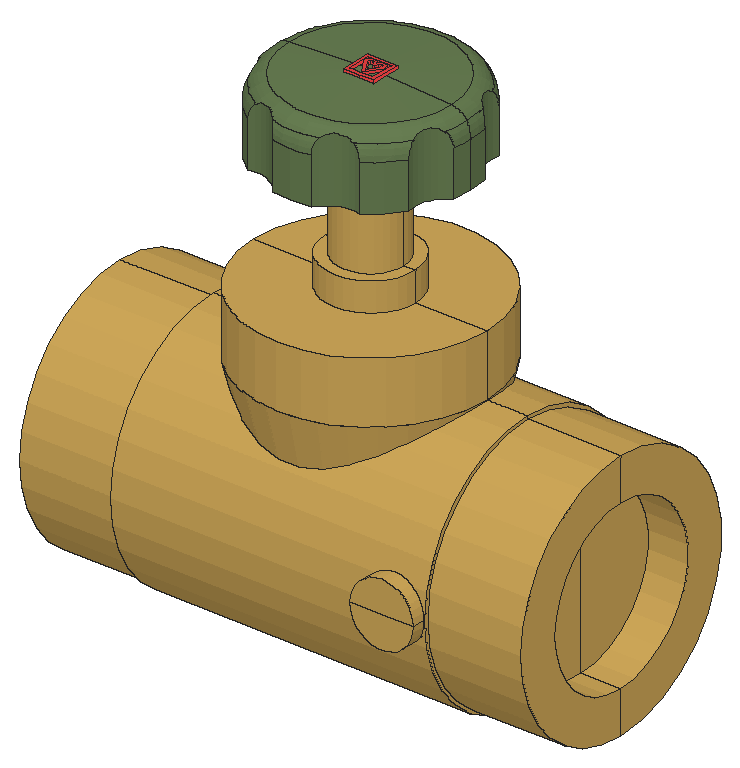
Revit family "Absperrventil 4215 W IG-IG", category Rohrzubehör, Revit 2018
Family settings
  Bemaßung runder Anschluss = Durchmesser verwenden
  Teiletyp = Unterbricht
  OmniClass-Nummer = 23.65.55.14
  OmniClass-Titel = Valves for Liquid Services
  Arbeitsebenenbasiert = Nein
  Immer vertikal = Ja
  Beim Laden mit Abzugskörper schneiden = Nein
  Gemeinsam genutzt = Nein
Parameters
  URL = "www.herz-armaturen.at"
  T01 [instance] = size_lookup("4215W_", "T1", 17.5 mm, Nennweite)  # 42 mm
  SC_NennweiteBerechnet = 0
  SC_Dimension = ""
  SCTWSEQ = "FW;SBT_TYP_FW=\"106\";2"
  SCTWCODE = "04;01;02"  # constant formula
  S03 = 60 mm  # constant formula
  S02 [instance] = H01 + H02 + H03  # 93 mm
  S01 [instance] = R01 * 2  # 75 mm
  R08 [instance] = size_lookup("4215W_", "R8", 9.5 mm, Nennweite)  # 9.5 mm
  R07 = 3 mm  # constant formula
  R06 [instance] = size_lookup("4215W_", "R6", 7.8 mm, Nennweite)  # 10 mm
  R05 [instance] = size_lookup("4215W_", "R5", 10.1 mm, Nennweite)  # 13.5 mm
  R04 [instance] = size_lookup("4215W_", "R4", 13.5 mm, Nennweite)  # 35 mm
  R03 [instance] = size_lookup("4215W_", "R3", 15 mm, Nennweite)  # 38.5 mm
  R02 [instance] = Nennweite / 2  # 25 mm
  R01 [instance] = size_lookup("4215W_", "R1", 16 mm, Nennweite)  # 37.5 mm
  Nennweite [instance] = 50 mm
  Min. Durchfluss bei DP 10 kPa [instance] = if(Nennweite = 15 mm, 0.2, if(Nennweite = 20 mm, 0.4, if(Nennweite = 25 mm, 0.7, if(Nennweite = 32 mm, 1.2, if(Nennweite = 40 mm, 1.6, if(Nennweite = 50 mm, 2.7, 0))))))  # 2.7
  Medium = "Trinkwasser"  # constant formula
  Max. Differenzdruck auf geschlossenen Sitz = 1000000.0 Pa  # constant formula
  Max. Betriebstemperatur = 90 °C  # constant formula
  Max. Betriebsdruck = 1000000.0 Pa  # constant formula
  L03 [instance] = size_lookup("4215W_", "L3", 15.5 mm, Nennweite)  # 38 mm
  L02 = 12 mm  # constant formula
  L01 [instance] = size_lookup("4215W_", "L1", 16 mm, Nennweite)  # 28 mm
  L00 [instance] = size_lookup("4215W_", "L", 65 mm, Nennweite)  # 150 mm
  Hinweis = "Gemäß Art 33 der REACH-Verordnung (EG Nr. 1907/2006) sind wir verpflichtet, darauf hinzuweisen, dass der Stoff Blei auf der SVHC-Liste geführt wird und dass alle aus Messing bestehenden Bauteile, die in unseren Erzeugnissen verarbeitet sind, mehr als 0,1 % (w/w) Blei (CAS: 7439-92-1 / EINECS: 231-100-4) enthalten.\r\nDa Blei als Legierungsbestandteil fest gebunden ist, sind keine Expositionen zu erwarten und daher sind keine zusätzlichen Angaben zur sicheren Verwendung notwendig."
  Hersteller = "HERZ Armaturen Ges.m.b.H."  # constant formula
  Handrad = "Kunststoff, grün"  # constant formula
  H04 = 21 mm  # constant formula
  H03 [instance] = size_lookup("4215W_", "H3", 14.6 mm, Nennweite)  # 27.3 mm
  H02 [instance] = size_lookup("4215W_", "H2", 5.4 mm, Nennweite)  # 8.7 mm
  H01 [instance] = size_lookup("4215W_", "H1", 26 mm, Nennweite)  # 57 mm
  H00 [instance] = H01 + H02 + H03  # 93 mm
  Gehäuse = "entzinkungsbeständiges Messing nach EN1982"  # constant formula
  O-Ringe = "EPDM"  # constant formula
  Bestellnummer [instance] = size_lookup("4215W_", "Artnr", 0, Nennweite)  # 2421546
  Anwendungsgebiet = "Zum Absperren von Trinkwasserleitungen und -anlagen in Gebäuden"
Reference planes
  plane 1 "Mitte (Vorne/hinten)": y = 0
  plane 2: z = 0
  plane 3 "Mitte (Links/rechts)": x = 0
Forms (mm)
  Revolve 1, solid, material "Messing, weicher Gelbton, geschweißt", detail levels fine
    sketch origin (470, 0, 0) x (1, 0, 0) y (0, 0, 1)
      loop
        line (-545, 25) -> (-533, 25) -> (-533, 0) -> (-407, 0) -> (-407, 25) -> (-395, 25) -> (-395, 37.5) -> (-423, 37.5) -> (-423, 38.5) -> (-517, 38.5) -> (-517, 37.5) -> (-545, 37.5) -> (-545, 25)
      axis (-545, 0) -> (-395, 0)
    angle from 0 to 360
  Revolve 2, solid, material "Messing, weicher Gelbton, geschweißt", detail levels fine
    sketch origin (0, 0, 0) x (1, 0, 0) y (0, 0, 1)
      loop
        line (0, 0) -> (0, 93) -> (-10, 93) -> (-10, 65.7) -> (-13.5, 65.7) -> (-13.5, 57) -> (-35, 57) -> (-35, 38.5) -> (-25, 0) -> (0, 0)
      axis (0, 93) -> (0, 0)
    angle from 0 to 360
  Revolve 3, solid, material "Messing, weicher Gelbton, geschweißt", detail levels fine
    sketch origin (0, 0, 0) x (1, 0, 0) y (0, 1, 0)
      loop
        line (37, -42) -> (46.5, -42) -> (46.5, -25) -> (40, -25) -> (40, 25) -> (46.5, 25) -> (46.5, 42) -> (37, 42) -> (37, -42)
      axis (37, 42) -> (37, -42)
    angle from 0 to 360
Lines and regions (mm)
  model lines, detail levels coarse+medium
    curve 1: line (-75, 0, -37.5) -> (-75, 0, 37.5)
    curve 2: line (-75, 0, 37.5) -> (75, 0, -37.5)
    curve 3: line (75, 0, -37.5) -> (75, 0, 37.5)
    curve 4: line (75, 0, 37.5) -> (-75, 0, -37.5)
    curve 5: line (0, 0, 0) -> (0, 0, 93)
    curve 6: line (-30, 0, 93) -> (30, 0, 93)
    curve 7: line (-75, 37.5, 0) -> (-75, -37.5, 0)
    curve 8: line (-75, -37.5, 0) -> (75, 37.5, 0)
    curve 9: line (75, 37.5, 0) -> (75, -37.5, 0)
    curve 10: line (75, -37.5, 0) -> (-75, 37.5, 0)
    curve 11: line (0, 0, 0) -> (0, 93, 0)
    curve 12: line (-30, 93, 0) -> (30, 93, 0)
Dimensions and locks
  "L00": Revolve 1 sketch curve to Revolve 1 sketch curve
  equal spacing: Revolve 1 sketch curve, plane 3 "Mitte (Links/rechts)", Revolve 1 sketch curve
  "R01": Revolve 1 sketch curve to Revolve 1 sketch curve  (x2)
  "R02": Revolve 1 sketch curve to Revolve 1 sketch curve  (x2)
  "L01": Revolve 1 sketch curve to Revolve 1 sketch curve  (x2)
  "L02": Revolve 1 sketch curve to Revolve 1 sketch curve  (x2)
  "R03": Revolve 1 sketch curve to Revolve 1 sketch curve
  "R03": Revolve 2 sketch curve to Revolve 2 sketch curve
  "R02": Revolve 2 sketch curve to Revolve 2 sketch curve
  "R04": Revolve 2 sketch curve to Revolve 2 sketch curve
  "R05": Revolve 2 sketch curve to Revolve 2 sketch curve
  "R06": Revolve 2 sketch curve to Revolve 2 sketch curve
  "H01": Revolve 2 sketch curve to plane 2
  "T01": Revolve 3 sketch curve to plane 1 "Mitte (Vorne/hinten)" to Revolve 3 sketch curve
  "L03": Revolve 3 sketch curve to Revolve 1
  "R02": Revolve 3 sketch curve to plane 1 "Mitte (Vorne/hinten)"
  "R02": plane 1 "Mitte (Vorne/hinten)" to Revolve 3 sketch curve
  "R07": Revolve 3 sketch curve to Revolve 3 sketch curve
  "R08": Revolve 3 sketch curve to Revolve 3 sketch curve
  "H02": Revolve 2 sketch curve to Revolve 2 sketch curve
  "H03": Revolve 2 sketch curve to Revolve 2 sketch curve
  "H00": nested 1 to plane 2
  "H04": nested 2 to Revolve 2
  equal spacing: curve 3, plane 3 "Mitte (Links/rechts)", curve 1
  "L00": curve 3 to curve 1
  equal spacing: curve 2, plane 2, curve 4
  "S01": curve 2 to curve 4
  equal spacing: curve 4, plane 2, curve 3
  "S01": curve 4 to curve 3
  "S02": curve 5 to plane 2
  equal spacing: curve 6, curve 5, curve 6
  "S03": curve 6 to curve 6
  equal spacing: curve 7, plane 3 "Mitte (Links/rechts)", curve 9
  "L00": curve 7 to curve 9
  equal spacing: curve 10, plane 1 "Mitte (Vorne/hinten)", curve 9
  equal spacing: curve 8, plane 1 "Mitte (Vorne/hinten)", curve 10
  "S01": curve 9 to curve 10
  "S01": curve 10 to curve 8
  equal spacing: curve 12, plane 3 "Mitte (Links/rechts)", curve 12
  "S02": plane 1 "Mitte (Vorne/hinten)" to curve 11
  "S03": curve 12 to curve 12
  aligned and locked: level to plane 2
Automatic sketch dimensions
  curve 5 to level = 0 mm
  plane 1 "Mitte (Vorne/hinten)" to curve 11 = 0 mm
  Revolve 1 sketch curve to level = 0 mm  (x2)
  Revolve 1 sketch curve to Revolve 1 sketch curve = 791.99 mm
  Revolve 1 sketch curve to Revolve 1 sketch curve = 2278.983 mm
  Revolve 2 sketch curve to level = 0 mm
  Revolve 2 sketch curve to plane 3 "Mitte (Links/rechts)" = 0 mm  (x2)
  Revolve 2 sketch curve to level = 366.045 mm
  Revolve 2 sketch curve to Revolve 2 sketch curve = 2165.278 mm
  Revolve 3 sketch curve to Revolve 3 sketch curve = 9.5 mm
  Revolve 3 sketch curve to Revolve 3 sketch curve = 0 mm
  Revolve 3 sketch curve to Revolve 3 sketch curve = 4.553 mm
  Revolve 3 sketch curve to Revolve 3 sketch curve = 3.768 mm
Nested families
  nested 1: "Strömax-Handrad (Grün)" at (0, 0, 93), type "Strömax-Handrad (Grün)", detail levels fine
    with Nennweite 0 mm, Gewicht 0.00 kg, Bestellnummer 0
  nested 2: "Herz-Logo" at (0, 0, 114), type "Herz-Logo", detail levels fine
Connectors
  piping at (-63, 0, 0), diameter 50, driven by "Nennweite"
    settings: on Revolve 1, index 1, connector inside diameter 609.6 mm, connector length 0 mm, flow factor 0, pipe flow 0.0 L/s, pressure drop 0.0 Pa, fitting loss kfactor 0, connector angle 0.00°, fixture units 0, engagement length 0 mm, angle of deflection 0.00°, flow configuration 0, flow direction 1, fitting loss method 0, system type 29, joint type 0, gender type 0, connector reference index -1, connector utility 0, adjustable connector no, is connector primary yes, connector description ""
  piping at (63, 0, 0), diameter 50, driven by "Nennweite"
    settings: on Revolve 1, index 2, connector inside diameter 609.6 mm, connector length 0 mm, flow factor 0, pipe flow 0.0 L/s, pressure drop 0.0 Pa, fitting loss kfactor 0, connector angle 0.00°, fixture units 0, engagement length 0 mm, angle of deflection 0.00°, flow configuration 0, flow direction 2, fitting loss method 0, system type 29, joint type 0, gender type 0, connector reference index -1, connector utility 0, adjustable connector no, is connector primary no, connector description ""
Definition of nested family "Strömax-Handrad (Grün)"
  Parameters (values of type "Strömax-Handrad (Grün)")
    URL = "www.herz-armaturen.at"
    Nennweite [instance] = 0 mm
    Manufacturer = "Herz Armaturen GmbH"  # constant formula
    Gewicht [instance] = 0.00 kg
    Bestellnummer [instance] = 0
  Reference planes
    plane 1 "Mitte (Vorne/hinten)": y = 0
    plane 2: z = 0
    plane 3 "Mitte (Links/rechts)": x = 0
  Forms (mm)
    Revolve 1, solid
      sketch origin (0, 0, 0) x (1, 0, 0) y (0, 0, 1)
        loop
          line (0, 0) -> (0, 22)
          arc (0, 22) -> (-12.15, 21.705) -> (-24.271, 20.819) r 250
          arc (-24.271, 20.819) -> (-26.831, 19.959) -> (-28.754, 18.063) r 6
          arc (-28.754, 18.063) -> (-29.682, 16.008) -> (-30, 13.776) r 8
          line (-30, 13.776) -> (-30, 0) -> (0, 0)
        axis (0, 22) -> (0, 0)
      angle from 0 to 360
    Extrusion 2, void
      sketch origin (0, 0, 0) x (1, 0, 0) y (0, 1, 0)
        loop
          circle (14.351, -34.645) r 10
      from 0 to 22
    Extrusion 3, void
      sketch origin (0, 0, 0) x (-1, 0, 0) y (0, -1, 0)
        loop
          circle (14.351, 34.645) r 10
      from 0 to 22
    Extrusion 4, void
      sketch origin (0, 0, 0) x (0, -1, 0) y (1, 0, 0)
        loop
          circle (14.351, 34.645) r 10
      from 0 to 22
    Extrusion 5, void
      sketch origin (0, 0, 0) x (0, 1, 0) y (-1, 0, 0)
        loop
          circle (14.351, -34.645) r 10
      from 0 to 22
    Extrusion 6, void
      sketch origin (0, 0, 0) x (0, -1, 0) y (1, 0, 0)
        loop
          circle (14.351, -34.645) r 10
      from 0 to 22
    Extrusion 7, void
      sketch origin (0, 0, 0) x (0, 1, 0) y (-1, 0, 0)
        loop
          circle (14.351, 34.645) r 10
      from 0 to 22
    Extrusion 8, void
      sketch origin (0, 0, 0) x (1, 0, 0) y (0, 1, 0)
        loop
          circle (14.351, 34.645) r 10
      from 0 to 22
    Extrusion 9, void
      sketch origin (0, 0, 0) x (-1, 0, 0) y (0, -1, 0)
        loop
          circle (14.351, -34.645) r 10
      from 0 to 22
  Cuts and joins
    Extrusion 2, Extrusion 3, Extrusion 4, Extrusion 5, Extrusion 6, Extrusion 7, Extrusion 8, Extrusion 9 cuts Revolve 1
  Dimensions and locks
    aligned and locked: level to plane 2
Definition of nested family "Herz-Logo"
  Reference planes
    plane 1 "Mitte (Vorne/hinten)": y = 0
    plane 2: z = 0
    plane 3 "Mitte (Links/rechts)": x = 0
  Forms (mm)
    Extrusion 1, solid
      sketch origin (0, 0, 0) x (1, 0, 0) y (0, 1, 0)
        loop
          line (-0.018, -4.517) -> (4.482, -4.517) -> (4.482, 4.483) -> (-4.518, 4.483) -> (-4.518, -4.517) -> (-0.018, -4.517)
        loop
          line (-0.05, -3.48) -> (3.482, -3.48) -> (3.482, 3.483) -> (-3.518, 3.483) -> (-3.518, -3.48) -> (-0.05, -3.48)
        loop
          arc (-0.018, 2.383) -> (-1.543, 3.287) -> (-3.067, 2.383) r 1.738
          arc (-3.067, 2.383) -> (-3.191, 1.899) -> (-3.067, 1.415) r 1.009
          line (-3.067, 1.415) -> (-0.018, -3.281) -> (3.032, 1.415)
          arc (3.032, 1.415) -> (3.156, 1.899) -> (3.032, 2.383) r 1.009
          arc (3.032, 2.383) -> (1.507, 3.287) -> (-0.018, 2.383) r 1.738
        loop
          arc (1.885, 1.272) -> (2.005, 1.675) -> (1.885, 2.079) r 0.74
          arc (1.885, 2.079) -> (1.265, 2.416) -> (0.644, 2.079) r 0.74
          line (0.644, 2.079) -> (-0.018, 0.97) -> (-0.679, 2.079)
          arc (-0.679, 2.079) -> (-1.3, 2.416) -> (-1.921, 2.079) r 0.74
          arc (-1.921, 2.079) -> (-2.04, 1.675) -> (-1.921, 1.272) r 0.74
          line (-1.921, 1.272) -> (-0.018, -1.658) -> (1.885, 1.272)
      from 0 to 1.5
  Dimensions and locks
    aligned and locked: level to plane 2
